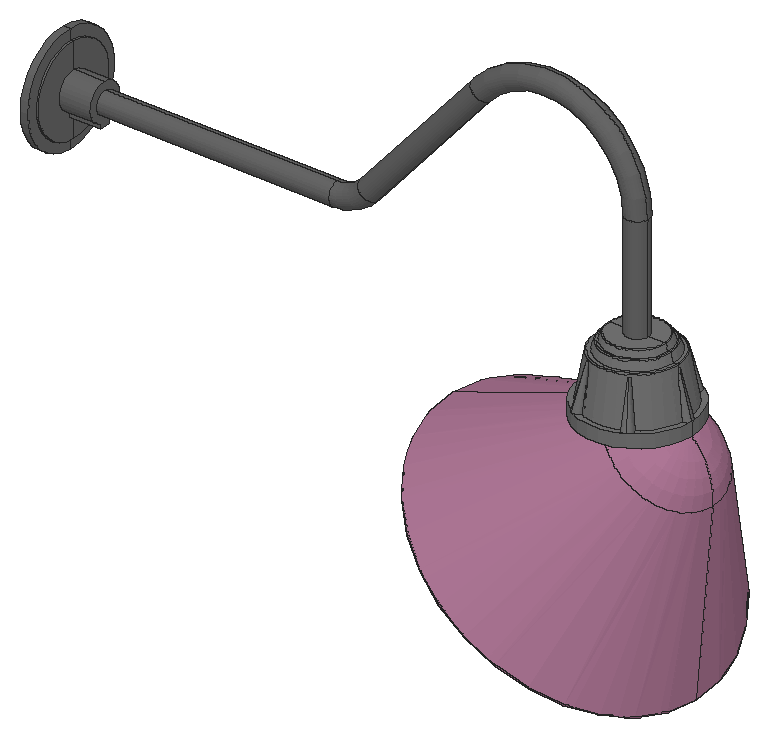
Revit family "Vintage Angle AU8 12,14", category Lighting Fixtures, Revit 2020
Family settings
  Round Connector Dimension = Use Diameter
  Part Type = Normal
  OmniClass Number = 23.80.70.00
  OmniClass Title = Lighting
  Work Plane-Based = No
  Always vertical = Yes
  Cut with Voids When Loaded = No
  Light Source = Yes
  Shared = No
  Room Calculation Point = No
Parameters (values of type "AU814")
  b = 0' - 3"
  a = 0' - 10"
  Weight = "3.0lb"
  Wattage Comments = "200W"
  Wattage = 9.2903 W
  Warranty = "5 year limited warranty"  # constant formula
  built-in parameter 1150110 = 1 (stored number, unit not read)
  Voltage = 120 V
  URL = "https://www.anplighting.com/assets/Uploads/product-attachments/specification-sheets/ANP-Specification-Sheet-INC-AU814..pdf"
  built-in parameter 1114217 = 1 (stored number, unit not read)
  Tilt Angle = 90.00°
  built-in parameter 1150109 = 1 (stored number, unit not read)
  built-in parameter 1150134 = 3
  built-in parameter 1150113 = 1 (stored number, unit not read)
  Photometric Web File = "generic"
  built-in parameter 1150142 = (empty or 0)
  Mounting Option [instance] = 2
  Power Factor = 1
  Post Mount [instance] = Mounting Option = 5  # no
  Placement X axis side [instance] = if(Post Mount, 2' 2 15/32", if(Cord or Stem Mount, 0' 0", if(E36 20 inch, 1' 8 1/4", if(E 6 26 inch, 2' 2", if(E7 41 inch, 3' 5 1/4", 0' 1")))))  # 2' - 2"
  Model = "AU814"
  Manufacturer = "ANP Lighting"  # constant formula
  built-in parameter 1150105 = 109.82 (stored number, unit not read)
  Lumens = 1380 lm
  built-in parameter 1150115 = 1 (stored number, unit not read)
  Load Classification = Lighting
  Light Source Height [instance] = 0' - 0"
  built-in parameter 1150137 = (empty or 0)
  built-in parameter 1150139 = (empty or 0)
  Light Elevation _2 [instance] = if(Post Mount, 0' 0.66142", if(E7 41 inch, 0' 0.66142", if(E36 20 inch, 0' 1.65748", if(E 6 26 inch, 0' 1.53543", if(Cord or Stem Mount, (0' 4.3622" + Cord Length), 0' 0")))))  # 0' - 1.53543"
  Light Elevation _1 [instance] = if(Post Mount, 0' 0", if(E7 41 inch, 0' 0", if(E36 20 inch, 0' 1", if(E 6 26 inch, 0' 0.87402", if(Cord or Stem Mount, (0' 3.66142" + Cord Length), 0' 0")))))  # 0' - 0.87402"
  Light Elevation [instance] = if(Post Mount, 14' 0.5315", if(E7 41 inch, 0' 0", 0' 0"))  # 0' - 0"
  Life = "L70 50,000 hours"  # constant formula
  built-in parameter 1150112 = 1 (stored number, unit not read)
  built-in parameter 1150114 = 1 (stored number, unit not read)
  Lamp = "INC"
  built-in parameter 1150132 = (empty or 0)
  built-in parameter 1150102 = (empty or 0)
  built-in parameter 1150107 = 3200 (stored number, unit not read)
  built-in parameter 1150138 = (empty or 0)
  built-in parameter 1150106 = 1.0982 (stored number, unit not read)
  HUB = Steel, Paint Finish, Dark Gray, Matte
  Fixture Height = 1' - 2"
  Fixture Diameter = 1' - 2"
  Efficiency = "65-125 lumens per watt"  # constant formula
  built-in parameter 1150104 = 13.8 (stored number, unit not read)
  E7 41 inch [instance] = Mounting Option = 4  # no
  E36 20 inch [instance] = Mounting Option = 3  # no
  E 6 26 inch [instance] = Mounting Option = 2  # yes
  Dimming Lamp Color Temperature Shift = <None>
  Dimming = "1%"  # constant formula
  Description = "120-277 Voltage"  # constant formula
  Default Elevation = 0' - 0"
  Cord or Stem Mount [instance] = Mounting Option = 1  # no
  Cord Length option [instance] = 0
  Cord Length [instance] = if([2' Cord], 2' 0", if([4' Cord], 4' 0", if([8' Cord], 8' 0", if([10' Cord], 10' 0", if([6' Cord], 6' 0", 6' 0")))))  # 6' - 0"
  Construction Material = "Heavy Duty spun aluminum."  # constant formula
  Color Filter = 16777215
  Canopy Body = LILAC
  CRI = ">90"  # constant formula
  Body Material = body
  Body Colour = "Spun aluminium"  # constant formula
  built-in parameter 1114218 = 1 (stored number, unit not read)
  built-in parameter 1150133 = 10 (stored number, unit not read)
  Apparent Load = 200 VA
  AU814 = yes
  AU812 = no
  8' Cord [instance] = Cord Length option = 8  # no
  6' Cord [instance] = Cord Length option = 6  # no
  4' Cord [instance] = Cord Length option = 4  # no
  2' Cord [instance] = Cord Length option = 2  # no
  10' Cord [instance] = Cord Length option = 10  # no
Types (3): name | a | Weight | URL | Mounting Option | Placement X axis side | Model | Light Elevation _2 | Light Elevation _1 | Fixture Height | Fixture Diameter | E7 41 inch | E 6 26 inch | AU814 | AU812
  (no name) | 0' - 10" | "3.0lb" | "https://www.anplighting.com/assets/Uploads/product-attachments/specification-sheets/ANP-Specification-Sheet-INC-AU814..pdf" | 2 | 2' - 2" | "AU814" | 0' - 1.53543" | 0' - 0.87402" | 1' - 2" | 1' - 2" | no | yes | yes | no
  AU812 | 0' - 9" | "2.0lb" | "https://www.anplighting.com/assets/Uploads/product-attachments/specification-sheets/ANP-Specification-Sheet-INC-AU812.pdf" | 4 | 3' - 5 1/4" | "AU812" | 0' - 0.66142" | 0' - 0" | 1' - 0 1/4" | 1' - 0" | yes | no | no | yes
  AU814 | 0' - 10" | "3.0lb" | "https://www.anplighting.com/assets/Uploads/product-attachments/specification-sheets/ANP-Specification-Sheet-INC-AU814..pdf" | 2 | 2' - 2" | "AU814" | 0' - 1.53543" | 0' - 0.87402" | 1' - 2" | 1' - 2" | no | yes | yes | no
Reference planes (in)
  plane 1 "Light Source Axis (F/B)": y = 0
  plane 2: z = 0
  plane 3 "Light Source Axis (L/R)": x = 0
  plane 4 "Light Source Elevation": z = 0
  plane 5: z = 0
  plane 6: x = 26
  plane 7 "Bulb Position": z = -1.53543
  plane 8 "Canopy Position": z = -0.87402
  plane 9 "IES": z = -1.53543
  plane 10: z = 164.5315
  plane 11: z = -10.87402
  plane 12: z = -7.87402
  plane 13: z = -5.44289
Dimensions and locks (in)
  "Light Elevation": plane 5 to plane 2
  "Placement X axis side": plane 6 to plane 3 "Light Source Axis (L/R)"
  "Light Elevation _2": plane 5 to plane 7 "Bulb Position"
  "Light Elevation _1": plane 5 to plane 8 "Canopy Position"
  "Light Source Height": plane 7 "Bulb Position" to plane 9 "IES"
  locked: plane 4 "Light Source Elevation" to plane 2
  "a": plane 8 "Canopy Position" to plane 11
  "b": plane 12 to plane 11
  locked: plane 13 to plane 12 at 2.43113
  aligned and locked: level to plane 2
  aligned and locked: plane 1 "Light Source Axis (F/B)" to nested 5
  aligned and locked: nested 5 to plane 2
  aligned and locked: nested 1 to plane 3 "Light Source Axis (L/R)"
  aligned and locked: plane 3 "Light Source Axis (L/R)" to nested 2
  aligned and locked: plane 3 "Light Source Axis (L/R)" to nested 4
  aligned and locked: nested 3 to plane 5
  aligned and locked: plane 3 "Light Source Axis (L/R)" to nested 3
  aligned and locked: plane 1 "Light Source Axis (F/B)" to nested 2
  aligned and locked: plane 1 "Light Source Axis (F/B)" to nested 1
  aligned and locked: plane 1 "Light Source Axis (F/B)" to nested 4
  aligned and locked: plane 1 "Light Source Axis (F/B)" to nested 3
  aligned and locked: plane 2 to nested 1
  aligned and locked: plane 2 to nested 2
  aligned and locked: nested 4 to plane 2
  aligned and locked: plane 6 to imposter light
  aligned and locked: imposter light to plane 12
  aligned and locked: imposter light to plane 1 "Light Source Axis (F/B)"
  aligned and locked: plane 1 "Light Source Axis (F/B)" to nested 6
  aligned and locked: plane 8 "Canopy Position" to nested 6
  aligned and locked: plane 1 "Light Source Axis (F/B)" to nested 7
  aligned and locked: plane 8 "Canopy Position" to nested 7
  aligned and locked: plane 6 to nested 6
  aligned and locked: plane 6 to nested 7
Nested families (in)
  nested 1: "CORD OR STEM MOUNT" at (0, 0, -75.67), visible <- "Cord or Stem Mount", Cord or Stem Mount <- "Cord or Stem Mount", Body Material <- "Body Material", Light Elevation <- "Light Elevation", Cord Length <- "Cord Length", 10' Cord <- "10' Cord", 2' Cord <- "2' Cord", 4' Cord <- "4' Cord", 6' Cord <- "6' Cord", 8' Cord <- "8' Cord", type "CORD OR STEM MOUNT"
    with Light Elevation 0' - 0", Cord or Stem Mount no, Cord Length 6' - 0", Body Material body, 8' Cord no, 6' Cord no, 4' Cord no, 2' Cord no, 10' Cord no
  nested 2: "E6 26 INCH" at (26, 0, 0), visible <- "E 6 26 inch", Chain Length <- "Cord Length", E 6 26 inch <- "E 6 26 inch", Placement X axis side <- "Placement X axis side", Body Material <- "Body Material", Light Elevation <- "Light Elevation", type "E6 26 INCH"
    with Placement X axis side 2' - 2", Light Elevation 0' - 0", E 6 26 inch yes, Chain Length 6' - 0", Body Material body
  nested 3: "E7 41 INCH" at (26, 0, 0), Chain Length <- "Cord Length", visible <- "E7 41 inch", E7 41 inch <- "E7 41 inch", Placement X axis side <- "Placement X axis side", Body Material <- "Body Material", Light Elevation <- "Light Elevation", type "E7 41 INCH"
    with Placement X axis side 2' - 2", Light Elevation 0' - 0", E7 41 inch no, Chain Length 6' - 0", Body Material body
  nested 4: "E36 20 INCH" at (26, 0, 0), visible <- "E36 20 inch", E36 20 inch <- "E36 20 inch", Placement X axis side <- "Placement X axis side", Chain Length <- "Cord Length", Body Material <- "Body Material", Light Elevation <- "Light Elevation", type "E36 20 INCH"
    with Placement X axis side 2' - 2", Light Elevation 0' - 0", E36 20 inch no, Chain Length 6' - 0", Body Material body
  nested 5: "POST MOUNT" at (26, 0, 0), visible <- "Post Mount", Post Mount <- "Post Mount", Placement X axis side <- "Placement X axis side", Chain Length <- "Cord Length", Body Material <- "Body Material", Light Elevation <- "Light Elevation", type "POST MOUNT"
    with Post Mount no, Placement X axis side 2' - 2", Light Elevation 0' - 0", Chain Length 6' - 0", Body Material body
  nested 6: "AU812_1" at (26, 0, -0.87402), visible <- "AU812", AU812 <- "AU812", Body <- "Canopy Body", HUB <- "HUB", Light Elevation <- "Light Elevation", type "AU812_1"
    with Light Elevation 0' - 0", HUB Steel, Paint Finish, Dark Gray, Matte, Body LILAC, AU812 no
  nested 7: "AU814_1" at (26, 0, -0.87402), Body <- "Canopy Body", HUB <- "HUB", visible <- "AU814", AU814 <- "AU814", Light Elevation <- "Light Elevation", type "AU814_1"
    with Light Elevation 0' - 0", HUB Steel, Paint Finish, Dark Gray, Matte, Body LILAC, AU814 yes
Definition of nested family "E6 26 INCH"
  Parameters (values of type "E6 26 INCH")
    URL = ""
    Placement X axis side [instance] = 2' - 2"
    Model = ""
    Manufacturer = ""
    Light Elevation [instance] = 8' - 4"
    E 6 26 inch [instance] = yes
    Default Elevation = 0' - 0"
    Chain Length [instance] = 0' - 0"
    Body Material [instance] = none
  Reference planes (in)
    plane 1 "Light Source Axis (F/B)": y = 0
    plane 2: z = 0
    plane 3 "Light Source Axis (L/R)": x = 0
    plane 4 "Light Source Elevation": z = 23.125
    plane 5: z = 100
    plane 6: x = -26
    plane 7: z = 99.125
    plane 8: x = -24.12
    plane 9: x = -25.5474
  Forms (in)
    Extrusion 1, void, not visible
      sketch origin (0, 0, 2.38154) x (1, 0, 0) y (0, 0, 1)
        loop
          circle (0, 4.59925) r 0.16583
      from 1.18594 to 1.75
    Extrusion 2, void, not visible
      sketch origin (0, 0, 2.38154) x (0.707107, -0.707107, 0) y (0, 0, 1)
        loop
          circle (0, 4.59925) r 0.16583
      from 1.18594 to 1.75
    Extrusion 3, void, not visible
      sketch origin (0, 0, 2.38154) x (0.707107, 0.707107, 0) y (0, 0, 1)
        loop
          circle (0, 4.59925) r 0.16583
      from 1.18594 to 1.75
    Extrusion 4, void, not visible
      sketch origin (0, 0, 2.38154) x (0, 1, 0) y (0, 0, 1)
        loop
          circle (0, 4.59925) r 0.16583
      from 1.18594 to 1.75
    Extrusion 5, void, not visible
      sketch origin (0, 0, 2.38154) x (-0.707107, 0.707107, 0) y (0, 0, 1)
        loop
          circle (0, 4.59925) r 0.16583
      from 1.18594 to 1.75
    Extrusion 6, void, not visible
      sketch origin (0, 0, 2.38154) x (-1, 0, 0) y (0, 0, 1)
        loop
          circle (0, 4.59925) r 0.20678
      from 1.18594 to 1.75
    Extrusion 7, void, not visible
      sketch origin (0, 0, 2.38154) x (-0.707107, -0.707107, 0) y (0, 0, 1)
        loop
          circle (0, 4.59925) r 0.16583
      from 1.18594 to 1.75
    Extrusion 8, void, not visible
      sketch origin (0, 0, 2.38154) x (0, -1, 0) y (0, 0, 1)
        loop
          circle (0, 4.59925) r 0.16583
      from 1.18594 to 1.75
    Sweep 9, solid, material <- "Body Material", visible <- "E 6 26 inch"
      path origin (-41.25, 0, 168.51693) x (1, 0, 0) y (0, 0, 1)
        loop
          line (17.13, -68.51693) -> (27.68551, -68.51693)
          arc (27.68551, -68.51693) -> (28.47996, -68.34486) -> (29.13202, -67.8595) r 1.92004
          line (29.13202, -67.8595) -> (34.23651, -62.01155)
          arc (34.23651, -62.01155) -> (38.65464, -60.89667) -> (41.25, -64.64193) r 4
          line (41.25, -64.64193) -> (41.25, -69.39193)
      profile origin (-18.84224, 0, 100) x (0, 0, 1) y (0, -1, 0)
        loop
          circle (0, 0) r 0.5
    Revolve 10, solid, material <- "Body Material", visible <- "E 6 26 inch"
      sketch origin (-26, 0, 168.51693) x (1, 0, 0) y (0, 0, 1)
        loop
          line (0, -66.07943) -> (0, -68.51693) -> (1.88, -68.51693) -> (1.88, -67.69272) -> (0.4526, -67.69272) -> (0.4526, -66.54122) -> (0.33125, -66.54122) -> (0.33125, -66.07943) -> (0, -66.07943)
        axis (0, -68.51693) -> (1.88, -68.51693)
      angle from 0 to 360
    Extrusion 11, solid, material <- "Body Material", visible <- "E 6 26 inch"
      sketch origin (-26, 0, 168.51693) x (0, -1, 0) y (0, 0, -1)
        loop
          line (0.25, 68.51693) -> (0.25, 69.51693) -> (-0.25, 69.51693) -> (-0.25, 68.51693) -> (0.25, 68.51693)
      from 0.4526 to 1.88
  Cuts and joins
    joined: Revolve 10, Extrusion 11
  Dimensions and locks (in)
    "Light Elevation": plane 5 to plane 2
    "Placement X axis side": plane 3 "Light Source Axis (L/R)" to plane 6
    locked: plane 5 to plane 7 at 0.875
    Revolve 10 sketch curve to Revolve 10 sketch curve to Revolve 10 sketch curve to plane 6 = 0' - 1.4274" locked, 0' - 0.12135" locked, 0' - 0.33125" locked
    Revolve 10 sketch curve to Revolve 10 sketch curve to Revolve 10 sketch curve to plane 5 = 0' - 0.46179" locked, 0' - 1.1515" locked, 0' - 0 211/256" locked
    locked: Sweep 9 sketch curve to plane 6 at 1.88
    locked: Sweep 9 sketch curve to Sweep 9 sketch curve at 10.55551
    locked: Sweep 9 sketch curve to Sweep 9 sketch curve at 13.56449
    locked: Sweep 9 sketch curve to Sweep 9 sketch curve at 4.75
    locked: plane 9 to plane 6 at 0.4526
    locked: plane 8 to plane 9 at 1.4274
    aligned and locked: level to plane 2
    aligned and locked: Revolve 10 sketch curve to plane 6
    aligned and locked: plane 5 to Revolve 10 sketch curve
    aligned and locked: Revolve 10 sketch curve to plane 5
    aligned and locked: cut or joined group of Revolve 10, Extrusion 11 to plane 9
    aligned and locked: plane 8 to cut or joined group of Revolve 10, Extrusion 11
  Automatic sketch dimensions
    Sweep 9 sketch curve to plane 5 = 0' - 0"
    Sweep 9 sketch curve to Sweep 9 sketch curve = 0' - 4"
    Sweep 9 sketch curve to Sweep 9 sketch curve = 0' - 3.01349"
    plane 5 to Sweep 9 sketch curve = 0' - 0.65743"
    Sweep 9 sketch curve to Sweep 9 sketch curve = 0' - 1.4465"
    Sweep 9 sketch curve to plane 5 = 0' - 0 7/8"
    profile plane to Sweep 9 sketch curve = 0' - 0"
    Sweep 9 sketch curve to profile plane = 0' - 0"
    plane 6 to Revolve 10 sketch curve = 0' - 0.62562"
    Revolve 10 sketch curve to Revolve 10 sketch curve = 0' - 0 1/2"
    Extrusion 11 sketch curve to plane 5 = 0' - 0"
    plane 1 "Light Source Axis (F/B)" to Extrusion 11 sketch curve = 0' - 0 1/4"
    Extrusion 11 sketch curve to plane 1 "Light Source Axis (F/B)" = 0' - 0 1/4"
    plane 5 to Extrusion 11 sketch curve = 0' - 1"
    radius of Sweep 9 sketch curve = 0' - 0 1/2"
Definition of nested family "AU814_1"
  Parameters (values of type "AU814_1")
    Light Elevation [instance] = 4' - 0"
    HUB [instance] = none
    Default Elevation = 0' - 0"
    Body [instance] = none
    AU814 [instance] = yes
  Reference planes (in)
    plane 1 "Center (Front/Back)": y = 0
    plane 2: z = 0
    plane 3 "Center (Left/Right)": x = 0
    plane 4: z = 48
  Dimensions and locks (in)
    "Light Elevation": plane 4 to plane 2
    aligned and locked: plane 2 to level
    aligned and locked: nested 1 to plane 3 "Center (Left/Right)"
    aligned and locked: nested 1 to plane 1 "Center (Front/Back)"
    aligned and locked: plane 4 to nested 1
  Nested families (in)
    nested 1: "AU814" at (0, 0, 32.74048) x (-1, 0, 0) z (0, 0, 1), HUB <- "HUB", visible <- "AU814", AU814 <- "AU814", Canopy Body <- "Body", type "AU814"
      with HUB none, Canopy Body none, AU814 yes
  Definition of nested family "AU814"
    Parameters (values of type "AU814")
      HUB [instance] = none
      Default Elevation = 0' - 0"
      Canopy Body [instance] = none
      AU814 [instance] = yes
    Reference planes (in)
      plane 1 "Center (Front/Back)": y = 0
      plane 2: z = 0
      plane 3 "Center (Left/Right)": x = 0
      plane 4: z = 1.25952
      plane 5: z = 15.25952
      plane 6: through (-2.63597, -180, 1.20708) normal (-0.788, 0, -0.6157)
    Forms (in)
      Revolve 1, solid, material <- "HUB", visible <- "AU814"
        sketch origin (0.00089, 0, 9.56627) x (1, 0, 0) y (0, 0, 1)
          loop
            arc (-1.24137, 5.69326) -> (-1.26286, 5.68699) -> (-1.27762, 5.67016) r 0.04
            line (-1.27762, 5.67016) -> (-1.3986, 5.41073) -> (-1.49143, 5.41073)
            arc (-1.49143, 5.41073) -> (-1.51437, 5.40349) -> (-1.52902, 5.38441) r 0.04
            line (-1.52902, 5.38441) -> (-1.65794, 5.03019) -> (-1.82304, 5.03019)
            arc (-1.82304, 5.03019) -> (-1.84862, 5.02094) -> (-1.86237, 4.99748) r 0.04
            line (-1.86237, 4.99748) -> (-2.24058, 2.95773) -> (-2.5, 2.95773) -> (-2.5, 2.37048) -> (-1.87484, 2.37048) -> (-1.87484, 1.74548) -> (-1.74984, 1.74548) -> (-1.74984, 2.95773) -> (-1.6, 3.00048) -> (-1.34987, 4.78027)
            arc (-1.34987, 4.78027) -> (-1.26631, 4.93415) -> (-1.1023, 4.99548) r 0.25
            line (-1.1023, 4.99548) -> (-0.28, 4.99548) -> (-0.28, 5.69326) -> (-1.24137, 5.69326)
          axis (0, 5.69326) -> (0, 1.74548)
        angle from 0 to 360
      Revolve 2, solid, material <- "HUB", visible <- "AU814"
        sketch origin (0.00089, 0, 9.56627) x (1, 0, 0) y (0, 0, 1)
          loop
            line (2.24058, 2.95773) -> (2.49108, 2.95773) -> (1.92916, 4.90696) -> (1.87916, 4.90696) -> (2.24058, 2.95773)
          axis (1.87916, 4.90696) -> (2.24891, 2.91282)
        angle from 0 to 360
      Revolve 3, solid, material <- "HUB", visible <- "AU814"
        sketch origin (0.00089, 0, 9.56627) x (-1, 0, 0) y (0, 0, 1)
          loop
            line (2.24058, 2.95773) -> (2.49108, 2.95773) -> (1.92916, 4.90696) -> (1.87916, 4.90696) -> (2.24058, 2.95773)
          axis (1.87916, 4.90696) -> (2.24891, 2.91282)
        angle from 0 to 360
      Revolve 4, solid, material <- "HUB", visible <- "AU814"
        sketch origin (0.00089, 0, 9.56627) x (0.5, 0.866025, 0) y (0, 0, 1)
          loop
            line (2.24058, 2.95773) -> (2.49108, 2.95773) -> (1.92916, 4.90696) -> (1.87916, 4.90696) -> (2.24058, 2.95773)
          axis (1.87916, 4.90696) -> (2.24891, 2.91282)
        angle from 0 to 360
      Revolve 5, solid, material <- "HUB", visible <- "AU814"
        sketch origin (0.00089, 0, 9.56627) x (-0.5, -0.866025, 0) y (0, 0, 1)
          loop
            line (2.24058, 2.95773) -> (2.49108, 2.95773) -> (1.92916, 4.90696) -> (1.87916, 4.90696) -> (2.24058, 2.95773)
          axis (1.87916, 4.90696) -> (2.24891, 2.91282)
        angle from 0 to 360
      Revolve 6, solid, material <- "HUB", visible <- "AU814"
        sketch origin (0.00089, 0, 9.56627) x (-0.5, 0.866025, 0) y (0, 0, 1)
          loop
            line (2.24058, 2.95773) -> (2.49108, 2.95773) -> (1.92916, 4.90696) -> (1.87916, 4.90696) -> (2.24058, 2.95773)
          axis (1.87916, 4.90696) -> (2.24891, 2.91282)
        angle from 0 to 360
      Revolve 7, solid, material <- "HUB", visible <- "AU814"
        sketch origin (0.00089, 0, 9.56627) x (0.5, -0.866025, 0) y (0, 0, 1)
          loop
            line (2.24058, 2.95773) -> (2.49108, 2.95773) -> (1.92916, 4.90696) -> (1.87916, 4.90696) -> (2.24058, 2.95773)
          axis (1.87916, 4.90696) -> (2.24891, 2.91282)
        angle from 0 to 360
      Revolve 8, solid, material <- "Canopy Body", visible <- "AU814"
        sketch origin (194.21503, 0, -13.49705) x (0.788011, 0, 0.615661) y (-0.615661, 0, 0.788011)
          loop
            arc (-146.05937, 132.89476) -> (-146.04559, 132.82992) -> (-145.98075, 132.8437) r 0.04687
            line (-145.98075, 132.8437) -> (-141.56572, 139.64226)
            arc (-141.56572, 139.64226) -> (-140.49354, 140.65076) -> (-139.06794, 141.0172) r 2.95625
            line (-139.06794, 141.0172) -> (-139.06794, 141.11095)
            arc (-139.06794, 141.11095) -> (-140.53875, 140.73289) -> (-141.64493, 139.69241) r 3.05
            line (-141.64493, 139.69241) -> (-146.05937, 132.89476)
          axis (-139.06794, 132.8437) -> (-139.06794, 141.11095)
        angle from 0 to 360
      Extrusion 9, void
        sketch origin (0, 0, 0) x (1, 0, 0) y (0, 1, 0)
          loop
            circle (0, 0) r 1.60057
        from 11.31174 to 13.07743
    Cuts and joins
      Extrusion 9 cuts Revolve 8
    Dimensions and locks (in)
      plane 5 to plane 4 = 1' - 2"
      Revolve 8 sketch curve to plane 6 = 0' - 7"
      aligned and locked: plane 2 to level
      aligned and locked: Revolve 1 to plane 5
Definition of nested family "CORD OR STEM MOUNT"
  Parameters (values of type "CORD OR STEM MOUNT")
    URL = ""
    Model = ""
    Manufacturer = ""
    Light Elevation [instance] = 1' - 7.69"
    Default Elevation = 0' - 0"
    Cord or Stem Mount [instance] = yes
    Cord Length [instance] = 6' - 0"
    Body Material [instance] = none
    8' Cord [instance] = no
    6' Cord [instance] = no
    4' Cord [instance] = no
    2' Cord [instance] = no
    10' Cord [instance] = no
  Reference planes (in)
    plane 1 "Light Source Axis (F/B)": y = 0
    plane 2: z = 0
    plane 3 "Light Source Axis (L/R)": x = 0
    plane 4 "Light Source Elevation": z = 23.125
    plane 5: z = 91.69
    plane 6: z = 19.69
  Forms (in)
    Extrusion 1, void, not visible
      sketch origin (0, 0, 2.38154) x (1, 0, 0) y (0, 0, 1)
        loop
          circle (0, 4.59925) r 0.16583
      from 1.18594 to 1.75
    Extrusion 2, void, not visible
      sketch origin (0, 0, 2.38154) x (0.707107, -0.707107, 0) y (0, 0, 1)
        loop
          circle (0, 4.59925) r 0.16583
      from 1.18594 to 1.75
    Extrusion 3, void, not visible
      sketch origin (0, 0, 2.38154) x (0.707107, 0.707107, 0) y (0, 0, 1)
        loop
          circle (0, 4.59925) r 0.16583
      from 1.18594 to 1.75
    Extrusion 4, void, not visible
      sketch origin (0, 0, 2.38154) x (0, 1, 0) y (0, 0, 1)
        loop
          circle (0, 4.59925) r 0.16583
      from 1.18594 to 1.75
    Extrusion 5, void, not visible
      sketch origin (0, 0, 2.38154) x (-0.707107, 0.707107, 0) y (0, 0, 1)
        loop
          circle (0, 4.59925) r 0.16583
      from 1.18594 to 1.75
    Extrusion 6, void, not visible
      sketch origin (0, 0, 2.38154) x (-1, 0, 0) y (0, 0, 1)
        loop
          circle (0, 4.59925) r 0.20678
      from 1.18594 to 1.75
    Extrusion 7, void, not visible
      sketch origin (0, 0, 2.38154) x (-0.707107, -0.707107, 0) y (0, 0, 1)
        loop
          circle (0, 4.59925) r 0.16583
      from 1.18594 to 1.75
    Extrusion 8, void, not visible
      sketch origin (0, 0, 2.38154) x (0, -1, 0) y (0, 0, 1)
        loop
          circle (0, 4.59925) r 0.16583
      from 1.18594 to 1.75
    Revolve 9, solid, material <- "Body Material", visible <- "Cord or Stem Mount"
      sketch origin (0, 0, 174.56698) x (1, 0, 0) y (0, 0, 1)
        loop
          line (2.6875, -79.20698) -> (0, -79.20698) -> (0, -82.87698) -> (0.125, -82.87698) -> (0.125, -82.83698) -> (0.75, -82.83698)
          arc (0.75, -82.83698) -> (0.81694, -82.77004) -> (0.75, -82.7031) r 0.06694
          line (0.75, -82.7031) -> (0.89763, -82.7031) -> (1.00223, -82.5985) -> (1.06587, -82.5985)
          arc (1.06587, -82.5985) -> (1.80099, -82.29401) -> (2.10549, -81.55888) r 1.03962
          line (2.10549, -81.55888) -> (2.10549, -81.03899)
          arc (2.10549, -81.03899) -> (2.12951, -80.981) -> (2.1875, -80.95698) r 0.08201
          line (2.1875, -80.95698) -> (2.1875, -80.70698) -> (2.6875, -80.70698) -> (2.6875, -79.20698)
        axis (0, -79.20698) -> (0, -82.87698)
      angle from 0 to 360
    Revolve 10, solid, material <- "Body Material", visible <- "Cord or Stem Mount"
      sketch origin (0, 0, 0) x (1, 0, 0) y (0, 0, 1)
        loop
          line (0, 91.69) -> (-0.125, 91.69) -> (-0.125, 19.69) -> (0, 19.69) -> (0, 91.69)
        axis (0, 19.69) -> (0, 91.69)
      angle from 0 to 360
  Dimensions and locks (in)
    "Light Elevation": plane 6 to plane 2
    "Cord Length": plane 5 to plane 6
    locked: Revolve 10 sketch curve to Revolve 10 sketch curve at 0.125
    aligned and locked: level to plane 2
    aligned and locked: Revolve 10 sketch curve to plane 3 "Light Source Axis (L/R)"
    aligned and locked: Revolve 10 sketch curve to plane 6
    aligned and locked: Revolve 10 sketch curve to plane 5
    aligned and locked: plane 3 "Light Source Axis (L/R)" to Revolve 10 sketch curve
  Automatic sketch dimensions
    Revolve 9 sketch curve to plane 3 "Light Source Axis (L/R)" = 0' - 0"  (x2)
    Revolve 9 sketch curve to plane 5 = 0' - 0"
    plane 3 "Light Source Axis (L/R)" to Revolve 9 sketch curve = 0' - 0 1/8"
    Revolve 9 sketch curve to plane 5 = 0' - 0.17388"
    Revolve 9 sketch curve to Revolve 9 sketch curve = 0' - 0 5/8"
    Revolve 9 sketch curve to Revolve 9 sketch curve = 0' - 0.14763"
    Revolve 9 sketch curve to plane 5 = 0' - 0.27847"
    Revolve 9 sketch curve to Revolve 9 sketch curve = 0' - 0.1046"
    Revolve 9 sketch curve to Revolve 9 sketch curve = 0' - 0.06364"
    Revolve 9 sketch curve to Revolve 9 sketch curve = 0' - 1.03962"
    Revolve 9 sketch curve to Revolve 9 sketch curve = 0' - 0 21/256"
    Revolve 9 sketch curve to Revolve 9 sketch curve = 0' - 0 1/2"  (x2)
    Revolve 9 sketch curve to Revolve 9 sketch curve = 0' - 0.51989"
    Revolve 9 sketch curve to Revolve 9 sketch curve = 0' - 0 1/4"
    Revolve 9 sketch curve to Revolve 9 sketch curve = 0' - 2.3519"
    Revolve 9 sketch curve to Revolve 9 sketch curve = 0' - 1 1/4"
    Revolve 9 sketch curve to Revolve 9 sketch curve = 0' - 0.04"
    Revolve 10 sketch curve to Revolve 10 sketch curve = 0' - 0 1/2"
    Revolve 10 sketch curve to Revolve 10 sketch curve = 0' - 0.42345"
Definition of nested family "E7 41 INCH"
  Parameters (values of type "E7 41 INCH")
    URL = ""
    Placement X axis side [instance] = 4' - 2"
    Model = ""
    Manufacturer = ""
    Light Elevation [instance] = 8' - 4"
    E7 41 inch [instance] = yes
    Default Elevation = 0' - 0"
    Chain Length [instance] = 0' - 0"
    Body Material [instance] = none
  Reference planes (in)
    plane 1 "Light Source Axis (F/B)": y = 0
    plane 2: z = 0
    plane 3 "Light Source Axis (L/R)": x = 0
    plane 4 "Light Source Elevation": z = 23.125
    plane 5: z = 100
    plane 6: x = -50
  Forms (in)
    Extrusion 1, void, not visible
      sketch origin (0, 0, 2.38154) x (1, 0, 0) y (0, 0, 1)
        loop
          circle (0, 4.59925) r 0.16583
      from 1.18594 to 1.75
    Extrusion 2, void, not visible
      sketch origin (0, 0, 2.38154) x (0.707107, -0.707107, 0) y (0, 0, 1)
        loop
          circle (0, 4.59925) r 0.16583
      from 1.18594 to 1.75
    Extrusion 3, void, not visible
      sketch origin (0, 0, 2.38154) x (0.707107, 0.707107, 0) y (0, 0, 1)
        loop
          circle (0, 4.59925) r 0.16583
      from 1.18594 to 1.75
    Extrusion 4, void, not visible
      sketch origin (0, 0, 2.38154) x (0, 1, 0) y (0, 0, 1)
        loop
          circle (0, 4.59925) r 0.16583
      from 1.18594 to 1.75
    Extrusion 5, void, not visible
      sketch origin (0, 0, 2.38154) x (-0.707107, 0.707107, 0) y (0, 0, 1)
        loop
          circle (0, 4.59925) r 0.16583
      from 1.18594 to 1.75
    Extrusion 6, void, not visible
      sketch origin (0, 0, 2.38154) x (-1, 0, 0) y (0, 0, 1)
        loop
          circle (0, 4.59925) r 0.20678
      from 1.18594 to 1.75
    Extrusion 7, void, not visible
      sketch origin (0, 0, 2.38154) x (-0.707107, -0.707107, 0) y (0, 0, 1)
        loop
          circle (0, 4.59925) r 0.16583
      from 1.18594 to 1.75
    Extrusion 8, void, not visible
      sketch origin (0, 0, 2.38154) x (0, -1, 0) y (0, 0, 1)
        loop
          circle (0, 4.59925) r 0.16583
      from 1.18594 to 1.75
    Revolve 9, solid, material <- "Body Material", visible <- "E7 41 inch"
      sketch origin (-41.25, 0, 168.39193) x (1, 0, 0) y (0, 0, 1)
        loop
          line (-8.75, -66.20443) -> (-8.75, -68.51693) -> (-6.87, -68.51693) -> (-6.87, -67.69272) -> (-8.2974, -67.69272) -> (-8.2974, -66.54122) -> (-8.41875, -66.54122) -> (-8.41875, -66.20443) -> (-8.75, -66.20443)
        axis (-8.75, -68.51693) -> (-6.87, -68.51693)
      angle from 0 to 360
    Extrusion 10, solid, material <- "Body Material", visible <- "E7 41 inch"
      sketch origin (-41.25, 0, 168.39193) x (0, -1, 0) y (0, 0, -1)
        loop
          line (0.25, 68.51693) -> (0.25, 69.51693) -> (-0.25, 69.51693) -> (-0.25, 68.51693) -> (0.25, 68.51693)
      from -8.2974 to -6.87
    Sweep 11, solid, material <- "Body Material", visible <- "E7 41 inch"
      path origin (-41.25, 0, 168.39193) x (1, 0, 0) y (0, 0, 1)
        loop
          line (-6.87, -68.51693) -> (16.04011, -68.51693)
          arc (16.04011, -68.51693) -> (17.864, -68.13651) -> (19.38375, -67.0587) r 4.5625
          line (19.38375, -67.0587) -> (24.70217, -61.33018)
          arc (24.70217, -61.33018) -> (29.64465, -60.20324) -> (32.5, -64.39193) r 4.5
          line (32.5, -64.39193) -> (32.5, -68.39193)
      profile origin (-36.66494, 0, 99.875) x (0, 0, 1) y (0, -1, 0)
        loop
          circle (0, 0) r 0.5
  Dimensions and locks (in)
    "Placement X axis side": plane 3 "Light Source Axis (L/R)" to plane 6
    "Light Elevation": plane 5 to plane 2
    locked: Revolve 9 sketch curve to Revolve 9 sketch curve at 0.33125
    locked: Revolve 9 sketch curve to Revolve 9 sketch curve at 0.4526
    locked: Revolve 9 sketch curve to Revolve 9 sketch curve at 1.88
    locked: Revolve 9 sketch curve to Revolve 9 sketch curve at 0.82421
    locked: Revolve 9 sketch curve to Revolve 9 sketch curve at 1.1515
    locked: Revolve 9 sketch curve to Revolve 9 sketch curve at 0.33679
    locked: plane 5 to Revolve 9 sketch curve at 0.125
    locked: Extrusion 10 sketch curve to Extrusion 10 sketch curve at 0.5
    locked: Extrusion 10 sketch curve to Extrusion 10 sketch curve at 1
    locked: plane 5 to Extrusion 10 sketch curve at 0.125
    locked: plane 5 to Sweep 11 sketch curve at 0.125
    locked: Sweep 11 sketch curve to Sweep 11 sketch curve at 39.37
    locked: Sweep 11 sketch curve to Sweep 11 sketch curve at 4
    locked: plane 6 to Extrusion 10 at 0.4526
    locked: Sweep 11 sketch curve to plane 6 at 1.88
    locked: Extrusion 10 to Extrusion 10 at 1.4274
    aligned and locked: plane 2 to level
    aligned and locked: Revolve 9 sketch curve to plane 6
  Automatic sketch dimensions
    Revolve 9 sketch curve to plane 5 = 0' - 0 1/8"
    plane 6 to Revolve 9 sketch curve = 0' - 0.62562"
    Revolve 9 sketch curve to Revolve 9 sketch curve = 0' - 0 1/2"
    plane 1 "Light Source Axis (F/B)" to Extrusion 10 sketch curve = 0' - 0 1/4"
    Sweep 11 sketch curve to plane 5 = 0' - 0"
    Sweep 11 sketch curve to Sweep 11 sketch curve = 0' - 4 1/2"
    Sweep 11 sketch curve to Sweep 11 sketch curve = 0' - 3.29783"
    plane 5 to Sweep 11 sketch curve = 0' - 1.33323"
    Sweep 11 sketch curve to Sweep 11 sketch curve = 0' - 5.31842"
    Sweep 11 sketch curve to Sweep 11 sketch curve = 0' - 3.34364"
    profile plane to Sweep 11 sketch curve = 0' - 0"
    Sweep 11 sketch curve to profile plane = 0' - 0"
    radius of Sweep 11 sketch curve = 0' - 0 1/2"
Definition of nested family "E36 20 INCH"
  Parameters (values of type "E36 20 INCH")
    URL = ""
    Placement X axis side [instance] = 1' - 8 1/4"
    Model = ""
    Manufacturer = ""
    Light Elevation [instance] = 8' - 4"
    E36 20 inch [instance] = yes
    Default Elevation = 0' - 0"
    Chain Length [instance] = 0' - 0"
    Body Material [instance] = none
  Reference planes (in)
    plane 1 "Light Source Axis (F/B)": y = 0
    plane 2: z = 0
    plane 3 "Light Source Axis (L/R)": x = 0
    plane 4 "Light Source Elevation": z = 23.125
    plane 5: z = 99
    plane 6: x = -20.25
    plane 7: z = 100
    plane 8: x = -18.37008
    plane 9: x = -19.79724
  Forms (in)
    Extrusion 1, void, not visible
      sketch origin (0, 0, 2.38154) x (1, 0, 0) y (0, 0, 1)
        loop
          circle (0, 4.59925) r 0.16583
      from 1.18594 to 1.75
    Extrusion 2, void, not visible
      sketch origin (0, 0, 2.38154) x (0.707107, -0.707107, 0) y (0, 0, 1)
        loop
          circle (0, 4.59925) r 0.16583
      from 1.18594 to 1.75
    Extrusion 3, void, not visible
      sketch origin (0, 0, 2.38154) x (0.707107, 0.707107, 0) y (0, 0, 1)
        loop
          circle (0, 4.59925) r 0.16583
      from 1.18594 to 1.75
    Extrusion 4, void, not visible
      sketch origin (0, 0, 2.38154) x (0, 1, 0) y (0, 0, 1)
        loop
          circle (0, 4.59925) r 0.16583
      from 1.18594 to 1.75
    Extrusion 5, void, not visible
      sketch origin (0, 0, 2.38154) x (-0.707107, 0.707107, 0) y (0, 0, 1)
        loop
          circle (0, 4.59925) r 0.16583
      from 1.18594 to 1.75
    Extrusion 6, void, not visible
      sketch origin (0, 0, 2.38154) x (-1, 0, 0) y (0, 0, 1)
        loop
          circle (0, 4.59925) r 0.20678
      from 1.18594 to 1.75
    Extrusion 7, void, not visible
      sketch origin (0, 0, 2.38154) x (-0.707107, -0.707107, 0) y (0, 0, 1)
        loop
          circle (0, 4.59925) r 0.16583
      from 1.18594 to 1.75
    Extrusion 8, void, not visible
      sketch origin (0, 0, 2.38154) x (0, -1, 0) y (0, 0, 1)
        loop
          circle (0, 4.59925) r 0.16583
      from 1.18594 to 1.75
    Sweep 9, solid, material <- "Body Material", visible <- "E36 20 inch"
      path origin (-41.25, 0, 169.51693) x (1, 0, 0) y (0, 0, 1)
        loop
          line (22.88, -69.51693) -> (28.93827, -69.51693)
          arc (28.93827, -69.51693) -> (29.97705, -69.28152) -> (30.81284, -68.62128) r 2.40953
          line (30.81284, -68.62128) -> (34.13807, -64.50378)
          arc (34.13807, -64.50378) -> (38.58272, -63.24548) -> (41.25, -67.01693) r 4
          line (41.25, -67.01693) -> (41.25, -70.51693)
      profile origin (-15.34086, 0, 100) x (0, 0, 1) y (0, -1, 0)
        loop
          circle (0, 0) r 0.5
    Revolve 10, solid, material <- "Body Material", visible <- "E36 20 inch"
      sketch origin (-20.25, 0, 169.51693) x (1, 0, 0) y (0, 0, 1)
        loop
          line (0, -67.20443) -> (0, -69.51693) -> (1.88, -69.51693) -> (1.88, -68.69272) -> (0.4526, -68.69272) -> (0.4526, -67.54122) -> (0.33125, -67.54122) -> (0.33125, -67.20443) -> (0, -67.20443)
        axis (0, -69.51693) -> (1.88, -69.51693)
      angle from 0 to 360
    Extrusion 11, solid, material <- "Body Material", visible <- "E36 20 inch"
      sketch origin (-20.25, 0, 169.51693) x (0, -1, 0) y (0, 0, -1)
        loop
          line (0.25, 69.51693) -> (0.25, 70.51693) -> (-0.25, 70.51693) -> (-0.25, 69.51693) -> (0.25, 69.51693)
      from 1.87992 to 0.45276
  Cuts and joins
    joined: Revolve 10, Extrusion 11
  Dimensions and locks (in)
    "Light Elevation": plane 7 to plane 2
    "Placement X axis side": plane 3 "Light Source Axis (L/R)" to plane 6
    locked: plane 7 to plane 5 at 1
    Revolve 10 sketch curve to Revolve 10 sketch curve to Revolve 10 sketch curve to plane 7 = 0' - 0.33679" locked, 0' - 1.1515" locked, 0' - 0 211/256" locked
    locked: Sweep 9 sketch curve to plane 6 at 1.88
    locked: Sweep 9 sketch curve to Sweep 9 sketch curve at 6.05827
    locked: Sweep 9 sketch curve to Sweep 9 sketch curve at 12.31173
    locked: Sweep 9 sketch curve to Sweep 9 sketch curve at 3.5
    Revolve 10 sketch curve to Revolve 10 sketch curve to Revolve 10 sketch curve to plane 6 = 0' - 1.4274" locked, 0' - 0.12135" locked, 0' - 0.33125" locked
    locked: plane 9 to plane 6 at 0.45276
    locked: plane 8 to plane 9 at 1.42717
    aligned and locked: level to plane 2
    aligned and locked: plane 7 to Revolve 10 sketch curve
    aligned and locked: Revolve 10 sketch curve to plane 7
    aligned and locked: Revolve 10 sketch curve to plane 6
    aligned and locked: cut or joined group of Revolve 10, Extrusion 11 to plane 9
    aligned and locked: plane 8 to cut or joined group of Revolve 10, Extrusion 11
  Automatic sketch dimensions
    Sweep 9 sketch curve to plane 7 = 0' - 0"
    Sweep 9 sketch curve to plane 5 = 0' - 0"
    Sweep 9 sketch curve to Sweep 9 sketch curve = 0' - 4"
    Sweep 9 sketch curve to plane 7 = 0' - 0.89565"
    Sweep 9 sketch curve to Sweep 9 sketch curve = 0' - 3.32523"
    Sweep 9 sketch curve to Sweep 9 sketch curve = 0' - 1.87457"
    profile plane to Sweep 9 sketch curve = 0' - 0"
    Sweep 9 sketch curve to profile plane = 0' - 0"
    plane 6 to Revolve 10 sketch curve = 0' - 0.62562"
    Revolve 10 sketch curve to Revolve 10 sketch curve = 0' - 0 1/2"
    plane 7 to Extrusion 11 sketch curve = 0' - 0"
    Extrusion 11 sketch curve to plane 5 = 0' - 0"
    plane 1 "Light Source Axis (F/B)" to Extrusion 11 sketch curve = 0' - 0 1/4"
    Extrusion 11 sketch curve to plane 1 "Light Source Axis (F/B)" = 0' - 0 1/4"
    radius of Sweep 9 sketch curve = 0' - 0 1/2"
Definition of nested family "POST MOUNT"
  Parameters (values of type "POST MOUNT")
    URL = ""
    Post Mount [instance] = yes
    Placement X axis side [instance] = 2' - 2 1/2"
    Model = ""
    Manufacturer = ""
    Light Elevation [instance] = 14' - 0.5168"
    Default Elevation = 0' - 0"
    Chain Length [instance] = 0' - 0"
    Body Material [instance] = none
  Reference planes (in)
    plane 1 "Light Source Axis (F/B)": y = 0
    plane 2: z = 0
    plane 3 "Light Source Axis (L/R)": x = 0
    plane 4 "Light Source Elevation": z = 23.125
    plane 5: x = -26.5
    plane 6: z = 168.5168
  Forms (in)
    Extrusion 1, void, not visible
      sketch origin (0, 0, 2.38154) x (1, 0, 0) y (0, 0, 1)
        loop
          circle (0, 4.59925) r 0.16583
      from 1.18594 to 1.75
    Extrusion 2, void, not visible
      sketch origin (0, 0, 2.38154) x (0.707107, -0.707107, 0) y (0, 0, 1)
        loop
          circle (0, 4.59925) r 0.16583
      from 1.18594 to 1.75
    Extrusion 3, void, not visible
      sketch origin (0, 0, 2.38154) x (0.707107, 0.707107, 0) y (0, 0, 1)
        loop
          circle (0, 4.59925) r 0.16583
      from 1.18594 to 1.75
    Extrusion 4, void, not visible
      sketch origin (0, 0, 2.38154) x (0, 1, 0) y (0, 0, 1)
        loop
          circle (0, 4.59925) r 0.16583
      from 1.18594 to 1.75
    Extrusion 5, void, not visible
      sketch origin (0, 0, 2.38154) x (-0.707107, 0.707107, 0) y (0, 0, 1)
        loop
          circle (0, 4.59925) r 0.16583
      from 1.18594 to 1.75
    Extrusion 6, void, not visible
      sketch origin (0, 0, 2.38154) x (-1, 0, 0) y (0, 0, 1)
        loop
          circle (0, 4.59925) r 0.20678
      from 1.18594 to 1.75
    Extrusion 7, void, not visible
      sketch origin (0, 0, 2.38154) x (-0.707107, -0.707107, 0) y (0, 0, 1)
        loop
          circle (0, 4.59925) r 0.16583
      from 1.18594 to 1.75
    Extrusion 8, void, not visible
      sketch origin (0, 0, 2.38154) x (0, -1, 0) y (0, 0, 1)
        loop
          circle (0, 4.59925) r 0.16583
      from 1.18594 to 1.75
    Revolve 9, solid, material <- "Body Material", visible <- "Post Mount"
      sketch origin (-7.90508, 0, 0) x (1, 0, 0) y (0, 0, 1)
        loop
          line (-18.59492, 3.92912) -> (-16.29831, 3.92912) -> (-16.29831, 4.2668) -> (-16.91413, 4.2668) -> (-16.91413, 134.5168) -> (-17.16413, 134.5168) -> (-17.16413, 137.3918) -> (-17.05979, 137.3918)
          arc (-17.05979, 137.3918) -> (-16.93479, 137.5168) -> (-17.05979, 137.6418) r 0.125
          line (-17.05979, 137.6418) -> (-17.48032, 137.6418) -> (-17.48032, 139.0793) -> (-17.73032, 139.0793) -> (-17.73032, 139.5793) -> (-18.59492, 139.5793) -> (-18.59492, 3.92912)
        axis (-18.59492, 139.5793) -> (-18.59492, 3.92912)
      angle from 0 to 360
    Extrusion 10, solid, material <- "Body Material", visible <- "Post Mount"
      sketch origin (0, 0, 0) x (1, 0, 0) y (0, 1, 0)
        loop
          line (-20.5, 5.93079) -> (-32.5, 5.93079) -> (-32.5, -6.06921) -> (-20.5, -6.06921) -> (-20.5, 5.93079)
      from 0 to 3.92912
    Sweep 11, solid, material <- "Body Material", visible <- "Post Mount"
      path origin (0, 0, 48.5) x (1, 0, 0) y (0, 0, 1)
        loop
          line (0, 120.0168) -> (0, 128.0168)
          arc (0, 128.0168) -> (-13.25, 141.2668) -> (-26.5, 128.0168) r 13.25
          line (-26.5, 128.0168) -> (-26.5, 91.0793)
      profile origin (0, 0, 172.5168) x (-1, 0, 0) y (0, -1, 0)
        loop
          circle (0, 0) r 0.5
    Revolve 12, solid, material <- "Body Material", visible <- "Post Mount"
      sketch origin (0, 0, 0) x (1, 0, 0) y (0, 0, 1)
        loop
          line (0, 168.5168) -> (0.75, 168.5168) -> (0.75, 170.7668) -> (0, 170.7668) -> (0, 168.5168)
        axis (0, 170.7668) -> (0, 168.5168)
      angle from 0 to 360
  Cuts and joins
    joined: Revolve 9, Extrusion 10, Sweep 11, Revolve 12
  Dimensions and locks (in)
    "Placement X axis side": plane 3 "Light Source Axis (L/R)" to plane 5
    "Light Elevation": plane 6 to plane 2
    locked: Revolve 12 sketch curve to plane 5 at 26.5  (x2)
    locked: Revolve 9 sketch curve to plane 2 at 3.92912
    locked: Revolve 9 sketch curve to plane 5 at 2.29661
    locked: Revolve 9 sketch curve to plane 5 at 1.68079
    locked: Revolve 9 sketch curve to plane 5 at 1.43079
    locked: Revolve 9 sketch curve to plane 5 at 1.11461
    locked: Revolve 9 sketch curve to plane 5 at 0.86461
    locked: Revolve 9 sketch curve to Revolve 9 sketch curve at 130.58768
    locked: Revolve 9 sketch curve to Revolve 9 sketch curve at 2.875
    locked: Revolve 9 sketch curve to Revolve 9 sketch curve at 0.25
    locked: Revolve 9 sketch curve to Revolve 9 sketch curve at 1.4375
    locked: Revolve 9 sketch curve to Revolve 9 sketch curve at 0.5
    locked: Sweep 11 sketch curve to Sweep 11 sketch curve at 26.5
    locked: Revolve 12 sketch curve to Revolve 12 sketch curve at 0.75
    locked: cut or joined group of Revolve 9, Extrusion 10, Sweep 11, Revolve 12 to plane 2 at 139.5793
    aligned and locked: level to plane 2
    aligned and locked: plane 5 to Sweep 11 sketch curve
    aligned and locked: Revolve 9 sketch curve to plane 5
  Automatic sketch dimensions
    Revolve 9 sketch curve to plane 5 = 0' - 0"
    Revolve 9 sketch curve to Revolve 9 sketch curve = 0' - 0.10434"
    Revolve 9 sketch curve to Revolve 9 sketch curve = 0' - 0.33768"
    Revolve 9 sketch curve to Revolve 9 sketch curve = 0' - 0 1/4"
    Revolve 9 sketch curve to Revolve 9 sketch curve = 0' - 0 7/16"
    Extrusion 10 sketch curve to plane 5 = 0' - 6"
    plane 5 to Extrusion 10 sketch curve = 0' - 6"
    plane 1 "Light Source Axis (F/B)" to Extrusion 10 sketch curve = 0' - 6.06921"
    Extrusion 10 sketch curve to plane 1 "Light Source Axis (F/B)" = 0' - 5.93079"
    Sweep 11 sketch curve to profile plane = 0' - 0"
    profile plane to Sweep 11 sketch curve = 0' - 0"
    Sweep 11 sketch curve to plane 6 = 0' - 0"
    Sweep 11 sketch curve to plane 6 = 0' - 8"
    plane 6 to Sweep 11 sketch curve = 2' - 4 15/16"
    Revolve 12 sketch curve to plane 6 = 0' - 0"
    Revolve 12 sketch curve to plane 6 = 0' - 2 1/4"
    Revolve 12 sketch curve to Revolve 12 sketch curve = 0' - 0 1/2"
    Revolve 12 sketch curve to Revolve 12 sketch curve = 0' - 0"
    radius of Sweep 11 sketch curve = 0' - 0 1/2"
Definition of nested family "AU812_1"
  Parameters (values of type "AU812_1")
    Light Elevation [instance] = 4' - 0"
    HUB [instance] = none
    Default Elevation = 0' - 0"
    Body [instance] = none
    AU812 [instance] = yes
  Reference planes (in)
    plane 1 "Center (Front/Back)": y = 0
    plane 2: z = 0
    plane 3 "Center (Left/Right)": x = 0
    plane 4: z = 48
  Dimensions and locks (in)
    "Light Elevation": plane 4 to plane 2
    aligned and locked: plane 2 to level
    aligned and locked: nested 1 to plane 1 "Center (Front/Back)"
    aligned and locked: nested 1 to plane 3 "Center (Left/Right)"
    aligned and locked: plane 4 to nested 1
  Nested families (in)
    nested 1: "AU812" at (0, 0, 34.35057) x (-1, 0, 0) z (0, 0, 1), visible <- "AU812", HUB <- "HUB", Canopy Body <- "Body", AU812 <- "AU812", type "AU812"
      with HUB none, Canopy Body none, AU812 yes
  Definition of nested family "AU812"
    Parameters (values of type "AU812")
      HUB [instance] = none
      Default Elevation = 0' - 0"
      Canopy Body [instance] = none
      AU812 [instance] = yes
    Reference planes (in)
      plane 1 "Center (Front/Back)": y = 0
      plane 2: z = 0
      plane 3 "Center (Left/Right)": x = 0
      plane 4: z = 13.64943
      plane 5: z = 1.39943
      plane 6: through (-2.19453, -180, 1.18592) normal (-0.766, 0, -0.6428)
    Forms (in)
      Revolve 1, solid, material <- "HUB", visible <- "AU812"
        sketch origin (0, 0, 7.94171) x (1, 0, 0) y (0, 0, 1)
          loop
            arc (-1.23462, 5.70773) -> (-1.25612, 5.70146) -> (-1.27088, 5.68463) r 0.04
            line (-1.27088, 5.68463) -> (-1.3986, 5.41073) -> (-1.49143, 5.41073)
            arc (-1.49143, 5.41073) -> (-1.51437, 5.40349) -> (-1.52902, 5.38441) r 0.04
            line (-1.52902, 5.38441) -> (-1.65794, 5.03019) -> (-1.82304, 5.03019)
            arc (-1.82304, 5.03019) -> (-1.84862, 5.02094) -> (-1.86237, 4.99748) r 0.04
            line (-1.86237, 4.99748) -> (-2.24058, 2.95773) -> (-2.5, 2.95773) -> (-2.5, 2.41692) -> (-1.87484, 2.41692) -> (-1.87484, 2.31892) -> (-1.74984, 2.31892) -> (-1.74984, 2.95773) -> (-1.6, 3.00048) -> (-1.34987, 4.78027)
            arc (-1.34987, 4.78027) -> (-1.26631, 4.93415) -> (-1.1023, 4.99548) r 0.25
            line (-1.1023, 4.99548) -> (-0.28, 4.99548) -> (-0.28, 5.70773) -> (-1.23462, 5.70773)
          axis (0, 5.70773) -> (0, 2.31892)
        angle from 0 to 360
      Revolve 2, solid, material <- "HUB", visible <- "AU812"
        sketch origin (0, 0, 7.94171) x (1, 0, 0) y (0, 0, 1)
          loop
            line (2.24058, 2.95773) -> (2.49108, 2.95773) -> (1.92916, 4.90696) -> (1.87916, 4.90696) -> (2.24058, 2.95773)
          axis (1.87916, 4.90696) -> (2.24891, 2.91282)
        angle from 0 to 360
      Revolve 3, solid, material <- "HUB", visible <- "AU812"
        sketch origin (0, 0, 7.94171) x (-1, 0, 0) y (0, 0, 1)
          loop
            line (2.24058, 2.95773) -> (2.49108, 2.95773) -> (1.92916, 4.90696) -> (1.87916, 4.90696) -> (2.24058, 2.95773)
          axis (1.87916, 4.90696) -> (2.24891, 2.91282)
        angle from 0 to 360
      Revolve 4, solid, material <- "HUB", visible <- "AU812"
        sketch origin (0, 0, 7.94171) x (0.5, 0.866025, 0) y (0, 0, 1)
          loop
            line (2.24058, 2.95773) -> (2.49108, 2.95773) -> (1.92916, 4.90696) -> (1.87916, 4.90696) -> (2.24058, 2.95773)
          axis (1.87916, 4.90696) -> (2.24891, 2.91282)
        angle from 0 to 360
      Revolve 5, solid, material <- "HUB", visible <- "AU812"
        sketch origin (0, 0, 7.94171) x (-0.5, -0.866025, 0) y (0, 0, 1)
          loop
            line (2.24058, 2.95773) -> (2.49108, 2.95773) -> (1.92916, 4.90696) -> (1.87916, 4.90696) -> (2.24058, 2.95773)
          axis (1.87916, 4.90696) -> (2.24891, 2.91282)
        angle from 0 to 360
      Revolve 6, solid, material <- "HUB", visible <- "AU812"
        sketch origin (0, 0, 7.94171) x (-0.5, 0.866025, 0) y (0, 0, 1)
          loop
            line (2.24058, 2.95773) -> (2.49108, 2.95773) -> (1.92916, 4.90696) -> (1.87916, 4.90696) -> (2.24058, 2.95773)
          axis (1.87916, 4.90696) -> (2.24891, 2.91282)
        angle from 0 to 360
      Revolve 7, solid, material <- "HUB", visible <- "AU812"
        sketch origin (0, 0, 7.94171) x (0.5, -0.866025, 0) y (0, 0, 1)
          loop
            line (2.24058, 2.95773) -> (2.49108, 2.95773) -> (1.92916, 4.90696) -> (1.87916, 4.90696) -> (2.24058, 2.95773)
          axis (1.87916, 4.90696) -> (2.24891, 2.91282)
        angle from 0 to 360
      Revolve 8, solid, material <- "Canopy Body", visible <- "AU812"
        sketch origin (255.68292, 0, 99.83391) x (0.766044, 0, 0.642788) y (-0.642788, 0, 0.766044)
          loop
            arc (-260.94703, 90.51845) -> (-260.95106, 90.4713) -> (-260.91482, 90.44087) r 0.05135
            line (-260.91482, 90.44087) -> (-260.78572, 90.64489) -> (-257.05778, 96.08779)
            arc (-257.05778, 96.08779) -> (-256.15561, 96.94185) -> (-254.95529, 97.2621) r 2.52412
            line (-254.95529, 97.2621) -> (-254.95529, 97.34214)
            arc (-254.95529, 97.34214) -> (-256.18889, 97.00541) -> (-257.11583, 96.12453) r 2.61787
            line (-257.11583, 96.12453) -> (-260.84378, 90.68163) -> (-260.94703, 90.51845)
          axis (-254.95529, 90.44087) -> (-254.95529, 97.34214)
        angle from 0 to 360
    Dimensions and locks (in)
      Revolve 8 sketch curve to plane 6 = 0' - 6"
      aligned and locked: plane 2 to level
